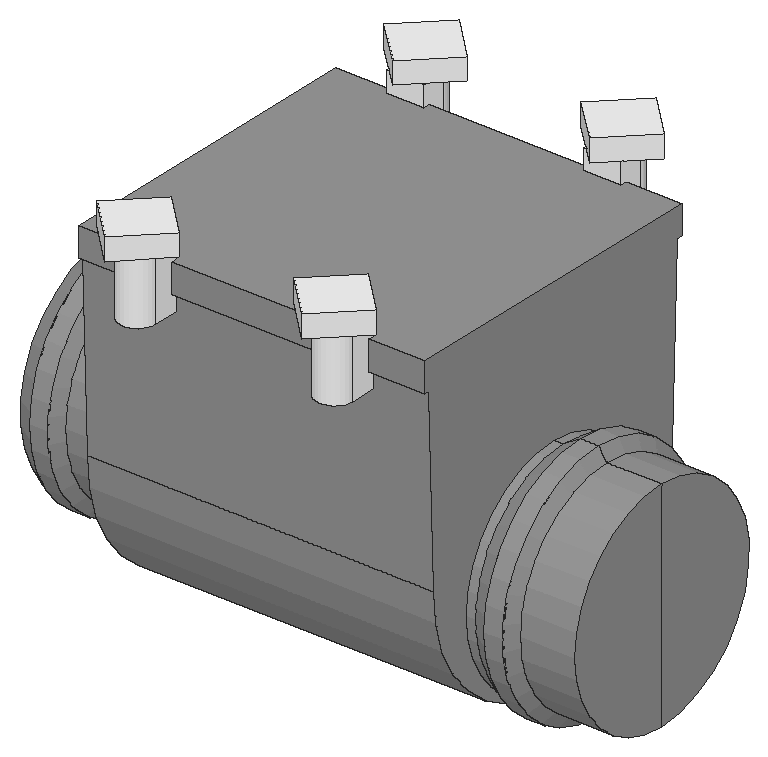
Revit family "HL_RU_Anti-flooding valve_HL710-A-171212", category Příslušenství trubek, Revit 2021
Family settings
  Kóta kulaté spojky = Použít průměr
  Typ dílu = Zalomí se do
  Číslo OmniClass = 23.65.55.14.21
  Nadpis OmniClass = Non-Return Valves for Liquid Services
  Založené na pracovní rovině = Ne
  Vždy vertikální = Ano
  Ořezat dutým tvarem při načtení = Ne
  Sdílené = Ne
Parameters (values of type "HL_Механический канализационный затвор_HL710")
  РАЗМЕР = "DN110"
  ПРОПУСКНАЯ СПОСОБНОСТЬ [instance] = 0.0 m³/h
  ПРАВОВАЯ ИНФОРМАЦИЯ = "\"Авторские права(©), права на дизайн или какие либо другие права интелектуальной собственности являются исключительной собственностью компании HL Hutterer & Lechner. Изменению не подлежит. Файл семейства с данными о прозводителе изделия защищен паролем с водяным знаком.\""
  ПАДЕНИЕ ДАВЛЕНИЯ [instance] = 0.0 Pa
  НОМИНАЛЬНЫЙ ДИАМЕТР 2 = 110 mm
  НОМИНАЛЬНЫЙ ДИАМЕТР = 110 mm
  МАТЕРИАЛ = "ABS"
  ВЫСОТА МОНТАЖА = "220 mm"
  ВЕС = "1,556 kg"
  Výrobce = "HL Hutterer & Lechner GmbH"
  Výchozí výška = 0 mm
  URL = "http://www.hutterer-lechner.com/ru/products/catalog/roof-drains/HL710.aspx"
  Popis = "Механический канализационный затвор"
  Model = "HL710"
  Komentáře k typům = "Механический канализационный затвор DN110 с заслонкой из нержавеющей стали"
  Keynote = "HL710"
  EAN = "9003076907106"
  Cena = 0
Types (2, lengths in mm): name | URL | Popis | Komentáře k typům
  (no name) | "http://www.hutterer-lechner.com/en/products/catalog/roof-drains/HL710.aspx" | "Anti flood valves" | "anti-flood valve DN110 with stainless steel flap"
  HL_Механический канализационный затвор_HL710 | "http://www.hutterer-lechner.com/ru/products/catalog/roof-drains/HL710.aspx" | "Механический канализационный затвор" | "Механический канализационный затвор DN110 с заслонкой из нержавеющей стали"
Values of the unnamed type that differ from the named types
  ПРАВОВАЯ ИНФОРМАЦИЯ = "\"Copyright (©), design rights or any other intellectual property rights, shall be the exclusive property of HL Hutterer & Lechner GmbH. Modification is not allowed. Family has been watermarked.\""
Reference planes
  plane 1 "Střed (vpředu/vzadu)": y = 0
  plane 2: z = 0
  plane 3 "Střed (vlevo/vpravo)": x = 0
Forms (mm)
  Sweep 1, solid, material "Plastic - Orange", detail levels fine
    path origin (99.75, 0, 0) x (1, 0, 0) y (0, 1, 0)
      loop
        line (94.75, 0) -> (-94.75, 0)
    profile origin (99.75, 0, 0) x (0, -1, 0) y (0, 0, 1)
      loop
        line (0, 123.14) -> (-88.191, 123.14) -> (-88.191, 107.14) -> (-85.007, 107.14) -> (-81.517, 7.201)
        arc (-81.517, 7.201) -> (-58.546, -51.791) -> (0, -75.877) r 80.412
        arc (0, -75.877) -> (58.546, -51.791) -> (81.517, 7.201) r 80.412
        line (81.517, 7.201) -> (85.007, 107.14) -> (88.191, 107.14) -> (88.191, 123.14) -> (0, 123.14)
  Extrusion 2, solid, material "Plactic - White", detail levels fine
    sketch origin (99.75, 0, 123.14) x (1, 0, 0) y (0, 1, 0)
      loop
        line (54, -121.127) -> (76.627, -98.5) -> (54, -75.873) -> (31.373, -98.5) -> (54, -121.127)
    from 11.235 to 23.235
  Extrusion 3, solid, material "Plactic - White", detail levels fine
    sketch origin (99.75, 0, 134.375) x (0, 1, 0) y (1, 0, 0)
      loop
        arc (-98.5, 64) -> (-108.5, 54) -> (-98.5, 44) r 10
        line (-98.5, 44) -> (-84.694, 44) -> (-84.694, 64) -> (-98.5, 64)
    from 0 to 37.235
  Extrusion 4, solid, material "Plactic - White", detail levels fine
    sketch origin (-8.25, 0, 123.14) x (1, 0, 0) y (0, 1, 0)
      loop
        line (54, -121.127) -> (76.627, -98.5) -> (54, -75.873) -> (31.373, -98.5) -> (54, -121.127)
    from 11.235 to 23.235
  Extrusion 5, solid, material "Plactic - White", detail levels fine
    sketch origin (-8.25, 0, 134.375) x (0, 1, 0) y (1, 0, 0)
      loop
        arc (-98.5, 64) -> (-108.5, 54) -> (-98.5, 44) r 10
        line (-98.5, 44) -> (-84.694, 44) -> (-84.694, 64) -> (-98.5, 64)
    from 0 to 37.235
  Extrusion 6, solid, material "Plactic - White", detail levels fine
    sketch origin (99.75, 0, 123.14) x (1, 0, 0) y (0, 1, 0)
      loop
        line (54, 121.127) -> (31.373, 98.5) -> (54, 75.873) -> (76.627, 98.5) -> (54, 121.127)
    from 11.235 to 23.235
  Extrusion 7, solid, material "Plactic - White", detail levels fine
    sketch origin (99.75, 0, 134.375) x (0, -1, 0) y (1, 0, 0)
      loop
        arc (-98.5, 64) -> (-108.5, 54) -> (-98.5, 44) r 10
        line (-98.5, 44) -> (-84.694, 44) -> (-84.694, 64) -> (-98.5, 64)
    from 0 to 37.235
  Extrusion 8, solid, material "Plactic - White", detail levels fine
    sketch origin (-8.25, 0, 123.14) x (1, 0, 0) y (0, 1, 0)
      loop
        line (54, 121.127) -> (31.373, 98.5) -> (54, 75.873) -> (76.627, 98.5) -> (54, 121.127)
    from 11.235 to 23.235
  Extrusion 9, solid, material "Plactic - White", detail levels fine
    sketch origin (-8.25, 0, 134.375) x (0, 1, 0) y (1, 0, 0)
      loop
        line (98.5, 64) -> (84.694, 64) -> (84.694, 44) -> (98.5, 44)
        arc (98.5, 44) -> (108.5, 54) -> (98.5, 64) r 10
    from 0 to 37.235
  Sweep 10, solid, material "Plastic - Orange", not visible, detail levels fine
    path origin (99.75, 0, 123.14) x (1, 0, 0) y (0, 0, 1)
      loop
        line (154.383, -137.5) -> (94.75, -137.5)
    profile origin (224.316, 0, -14.36) x (0, 0, -1) y (0, -1, 0)
      loop
        circle (0, 0) r 55
  Revolve 11, solid, material "Plastic - Orange", detail levels fine
    sketch origin (99.75, 0, 123.14) x (1, 0, 0) y (0, 0, 1)
      loop
        line (-149.117, -123.14) -> (-94.75, -123.14) -> (-94.75, -63.685) -> (-124.977, -63.685) -> (-129.134, -56.965) -> (-139.134, -56.965) -> (-149.117, -63.14) -> (-149.117, -123.14)
      axis (-94.75, -123.14) -> (-149.117, -123.14)
    angle from 0 to 360
  Revolve 12, solid, material "Plastic - Orange", detail levels fine
    sketch origin (348.883, 0, 108.78) x (1, 0, 0) y (0, 0, 1)
      loop
        line (-149.117, -123.14) -> (-94.75, -123.14) -> (-94.75, -63.685) -> (-124.977, -63.685) -> (-129.134, -56.965) -> (-139.134, -56.965) -> (-149.117, -63.14) -> (-154.383, -63.14) -> (-154.383, -123.14) -> (-149.117, -123.14)
      axis (-94.75, -123.14) -> (-154.383, -123.14)
    angle from 0 to 360
Cuts and joins
  joined: Extrusion 2, Extrusion 3
Lines and regions (mm)
  symbolic lines, style "Symbol", detail levels coarse+medium
    curve 1: line (254.133, 0, 0) -> (0, 0, 0)
    curve 2: line (252.066, -60, 0) -> (252.066, 60, 0)
    curve 3: line (2.066, -60, 0) -> (2.066, 60, 0)
    curve 4: line (2.066, 60, 0) -> (252.066, 60, 0)
    curve 9: line (127.066, -105, 0) -> (127.066, 105, 0)
    curve 10: line (2.066, -60, 0) -> (252.066, -60, 0)
  model lines, style "Symbol", detail levels coarse+medium
    curve 5: line (0, 0, 0) -> (254.133, 0, -13.319)
    curve 6: line (252.066, 0, -66.659) -> (252.066, 0, 53.341)
    curve 7: line (252.066, 0, 53.341) -> (2.066, 0, 53.341)
    curve 8: line (2.066, 0, -66.659) -> (2.066, 0, 53.341)
    curve 12: line (252.066, 0, -66.659) -> (2.066, 0, -66.659)
  model lines, detail levels coarse+medium
    curve 11: line (127.066, 0, -6.659) -> (127.066, 0, 98.341)
    curve 13: line (127.066, 0, -111.659) -> (127.066, 0, -6.659)
Dimensions and locks
  aligned and locked: level to plane 2
Connectors
  piping at (0, 0, 0), diameter 110, driven by "ПАДЕНИЕ ДАВЛЕНИЯ", driven by "НОМИНАЛЬНЫЙ ДИАМЕТР", driven by "ПРОПУСКНАЯ СПОСОБНОСТЬ"
    settings: on plane 3 "Střed (vlevo/vpravo)", index 1, connector inside diameter 609.6 mm, connector length 0 mm, flow factor 0, pipe flow 0.0 m³/h, pressure drop 0.0 Pa, fitting loss kfactor 0, connector angle 0.00°, fixture units 0, engagement length 0 mm, angle of deflection 0.00°, flow configuration 0, flow direction 0, fitting loss method 4, system type 16, joint type 0, gender type 0, connector reference index -1, connector utility 0, adjustable connector no, is connector primary yes, connector description ""
  piping at (254.133, 0, -14.36), diameter 110, driven by "НОМИНАЛЬНЫЙ ДИАМЕТР 2", driven by "ПРОПУСКНАЯ СПОСОБНОСТЬ"
    settings: on Sweep 10, index 2, connector inside diameter 609.6 mm, connector length 0 mm, flow factor 0, pipe flow 0.0 m³/h, pressure drop 0.0 Pa, fitting loss kfactor 0, connector angle 0.00°, fixture units 0, engagement length 0 mm, angle of deflection 0.00°, flow configuration 1, flow direction 2, fitting loss method 4, system type 16, joint type 0, gender type 0, connector reference index -1, connector utility 0, adjustable connector no, is connector primary no, connector description ""
